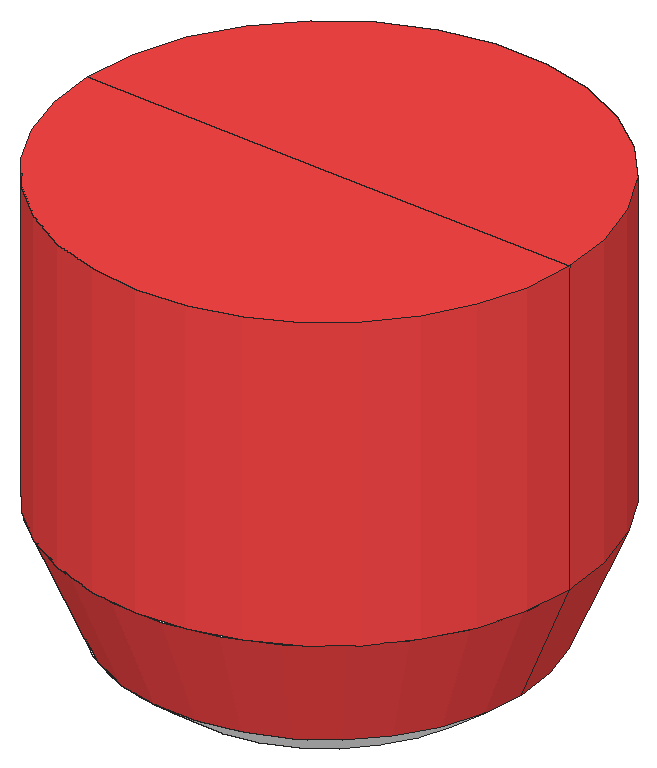
Revit family "CWSS-RR-S4 ENScape optisk-akustisk signalgiver rød_Tak", category Fire Alarm Devices, Revit 2016
Family settings
  Maintain Annotation Orientation = Yes
  Part Type = Normal
  Round Connector Dimension = Use Diameter
  OmniClass Number = 23.85.30.21.11.17
  OmniClass Title = Other Components
  Work Plane-Based = No
  Always vertical = No
  Cut with Voids When Loaded = No
  Shared = No
  Room Calculation Point = No
Parameters (values of type "Optisk signalgiver")
  Type Comments = "-XH"
  Reference Line Out [instance] = 10.00 mm
  NS8360 = "5423_XN2"
  Manufacturer = "Honeywell"
  Keynote = "XN2"
  CQ Symbol Positive Direction [instance] = yes
  CQ Symbol Offset Side [instance] = 0.00 mm
  CQ Symbol Offset Out [instance] = 0.00 mm
  CQ Material = Plastic - Red
  CQ Length B = 98.00 mm
  CQ Length A = 100.00 mm
  Assembly Code = "5423"
Reference planes
  plane 1 "Center (Front/Back)": y = 0
  plane 2: z = 0
  plane 3 "Center (Left/Right)": x = 0
  plane 4: x = -50
  plane 5: x = 50
  plane 6: z = -98
  plane 7: z = -83
Forms (mm)
  Revolve 1, solid, material "Plastic White Transparent"
    sketch origin (0, 0, 0) x (1, 0, 0) y (0, 0, 1)
      loop
        line (0, -83) -> (0, -98) -> (1, -98)
        arc (1, -98) -> (21.893, -94.121) -> (40, -83) r 58.2
        line (40, -83) -> (0, -83)
      axis (0, -83) -> (0, -98)
    angle from 0 to 360
  Revolve 2, solid, material "Plastic - Red" <- "CQ Material"
    sketch origin (0, 0, 0) x (1, 0, 0) y (0, 0, 1)
      loop
        line (0, 0) -> (0, -83) -> (40, -83) -> (50, -60) -> (50, 0) -> (0, 0)
      axis (0, 0) -> (0, -83)
    angle from 0 to 360
Lines and regions (mm)
  model lines, style "InvisibleLines"
    curve 1: line (0, 0, 0) -> (0, -43, 0)
    curve 2: line (0, 0, 0) -> (0, 0, 10)
Dimensions and locks
  equal spacing: plane 5, plane 3 "Center (Left/Right)", plane 4
  "CQ Length A": plane 5 to plane 4
  "CQ Length B": plane 6 to plane 2
  "Reference Line Out": curve 2 to level
  locked: plane 7 to plane 6 at 15
  aligned and locked: level to plane 2
  aligned and locked: curve 1 to plane 2
  aligned and locked: plane 3 "Center (Left/Right)" to nested 1
  aligned and locked: plane 1 "Center (Front/Back)" to nested 1
  aligned and locked: plane 2 to curve 2
  aligned and locked: plane 3 "Center (Left/Right)" to curve 2
  aligned and locked: Revolve 1 sketch curve to plane 7
  aligned and locked: Revolve 1 sketch curve to plane 6
  aligned and locked: Revolve 2 sketch curve to level
  aligned and locked: Revolve 2 sketch curve to plane 3 "Center (Left/Right)"
  aligned and locked: Revolve 2 sketch curve to plane 5
  aligned and locked: Revolve 2 sketch curve to plane 7
Automatic sketch dimensions
  curve 1 to plane 3 "Center (Left/Right)" = 0.00 mm
  plane 1 "Center (Front/Back)" to curve 1 = 0.00 mm
  plane 1 "Center (Front/Back)" to curve 1 = 43.00 mm
  Revolve 1 sketch curve to plane 3 "Center (Left/Right)" = 0.00 mm  (x2)
  Revolve 1 sketch curve to plane 6 = 0.00 mm
  plane 3 "Center (Left/Right)" to Revolve 1 sketch curve = 1.00 mm
  Revolve 1 sketch curve to level = 39.80 mm
  Revolve 1 sketch curve to Revolve 1 sketch curve = 12.20 mm
  Revolve 2 sketch curve to plane 3 "Center (Left/Right)" = 0.00 mm
  Revolve 2 sketch curve to plane 5 = 10.00 mm
  Revolve 2 sketch curve to plane 6 = 23.00 mm
  plane 7 to Revolve 2 sketch curve = 23.00 mm
  level to Revolve 2 sketch curve = 25.00 mm
Nested families
  nested 1: "Optisk alarmapparat" at (0, 0, 0), type "Type 1"
Connectors
  electrical at (0, 0, 0)
    settings: on Revolve 1, index 1, voltage 0 V, apparent load 0 VA, apparent load phase1 0 VA, apparent load phase2 0 VA, apparent load phase3 0 VA, power factor 1, load classification "Other", number of poles 1, system type 11, power factor state 1, is connector primary yes, connector utility no, sub classification motor no, connector description ""
Definition of nested family "Optisk alarmapparat"
  Parameters
    CQ Symbol Positive Direction = yes
    CQ Symbol Negative Direction = not(CQ Symbol Positive Direction)  # no
    CQ Symbol Offset Side = 0.00 mm
    CQ Symbol Offset Out = 0.00 mm
  Reference planes
    plane 1: y = 0
    plane 2: x = 0
  Dimensions and locks
    "CQ Symbol Offset Out": plane 1 to nested 2
    "CQ Symbol Offset Out": plane 1 to nested 1
    "CQ Symbol Offset Side": plane 2 to nested 1
    "CQ Symbol Offset Side": nested 2 to plane 2
  Nested families
    nested 1: "Optisk AlarmapparatSub" at (0, 0, 0), visible <- "CQ Symbol Positive Direction", type "Type 1"
    nested 2: "Optisk AlarmapparatSub" at (0, 0, 0), visible <- "CQ Symbol Negative Direction", type "Type 1"
  Definition of nested family "Optisk AlarmapparatSub"
    Reference planes
      plane 1: y = 0
      plane 2: x = 0
    Lines and regions (mm)
      detail lines
        curve 1: circle (0, 0, 0) r 2.5 normal (0, 0, 1)
        curve 2: line (-1.768, 1.768, 0) -> (1.768, -1.768, 0)
        curve 3: line (-1.768, -1.768, 0) -> (1.768, 1.768, 0)
        curve 4: line (-0.001, 3, 0) -> (4.748, 3, 0)
    Text (mm)
      text "PL" at (1.733, 4.587, 0)
